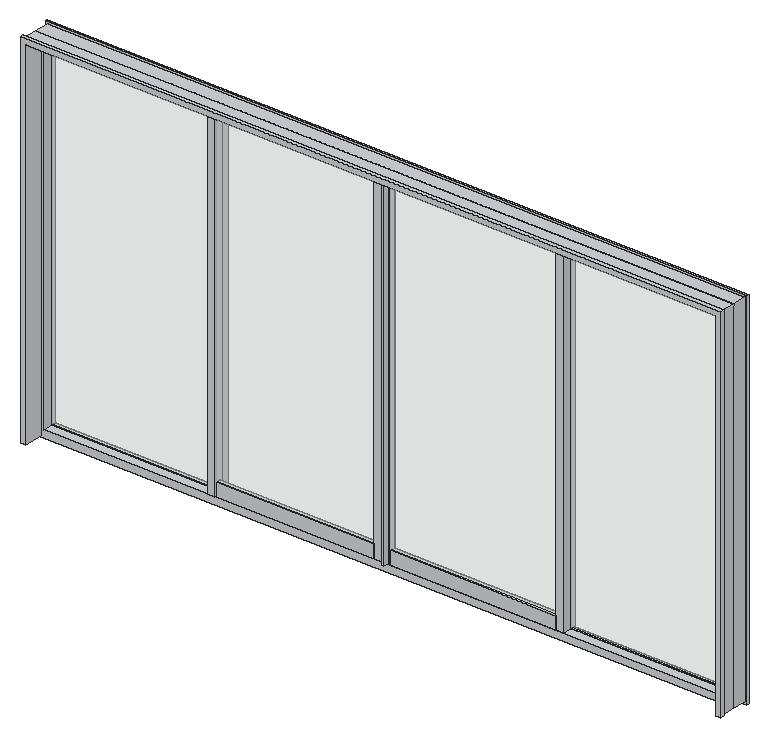
Revit family "APL Residential Thermal Heart Sliding Door FSSF", category Doors, host Wall, Revit 2017 (continued)
Definition of nested family "APL Residential Thermal Heart Sliding Door FSSF Vertical Section"
  Definition of nested family "Sill Two Panel"
    Definition of nested family "65380_Frame Sill"
      Lines and regions (mm)
        detail lines, in view "Ref. Level"
          curve 195: arc (65.7, 25.519, 0) -> (65.922, 26.994, 0) -> (66.57, 28.337, 0) r 5
          curve 196: arc (66.57, 28.337, 0) -> (67.411, 30.083, 0) -> (67.7, 32, 0) r 6.5
          curve 197: arc (67.7, 33.1, 0) -> (67.759, 33.242, 0) -> (67.9, 33.3, 0) r 0.2
          curve 198: arc (69.3, 33.3, 0) -> (69.441, 33.242, 0) -> (69.5, 33.1, 0) r 0.2
          curve 199: arc (69.5, 32.8, 0) -> (70, 32.299, 0) -> (70.5, 32.8, 0) r 0.5
          curve 200: arc (70.5, 35.351, 0) -> (69.999, 35.85, 0) -> (69.5, 35.35, 0) r 0.5
          curve 201: arc (69.5, 34.5, 0) -> (69.441, 34.359, 0) -> (69.3, 34.3, 0) r 0.2
          curve 202: arc (67.9, 34.3, 0) -> (67.759, 34.359, 0) -> (67.7, 34.5, 0) r 0.2
          curve 203: arc (67.7, 41.8, 0) -> (67.759, 41.942, 0) -> (67.9, 42, 0) r 0.2
          curve 204: arc (69.3, 42, 0) -> (69.441, 41.942, 0) -> (69.5, 41.8, 0) r 0.2
          curve 205: arc (69.5, 40.95, 0) -> (70, 40.449, 0) -> (70.5, 40.95, 0) r 0.5
          curve 206: arc (70.5, 42.499, 0) -> (70.354, 42.853, 0) -> (70, 43, 0) r 0.5
          curve 207: arc (42.7, 43, 0) -> (42.559, 42.942, 0) -> (42.5, 42.8, 0) r 0.2
          curve 208: arc (42.5, 41.25, 0) -> (43, 40.75, 0) -> (43.5, 41.25, 0) r 0.5
          curve 209: arc (43.5, 41.8, 0) -> (43.559, 41.942, 0) -> (43.7, 42, 0) r 0.2
          curve 210: arc (44.8, 42, 0) -> (44.941, 41.942, 0) -> (45, 41.8, 0) r 0.2
          curve 211: arc (45, 36.7, 0) -> (44.941, 36.559, 0) -> (44.8, 36.5, 0) r 0.2
          curve 212: arc (43.7, 36.5, 0) -> (43.559, 36.559, 0) -> (43.5, 36.7, 0) r 0.2
          curve 213: arc (43.5, 37.25, 0) -> (43, 37.749, 0) -> (42.5, 37.25, 0) r 0.5
          curve 214: arc (42.5, 36.5, 0) -> (42.793, 35.793, 0) -> (43.5, 35.5, 0) r 1
          curve 215: arc (44.395, 35.5, 0) -> (44.539, 35.443, 0) -> (44.6, 35.3, 0) r 0.202
          curve 216: arc (44.6, 24.2, 0) -> (44.538, 24.058, 0) -> (44.395, 24, 0) r 0.205
          curve 217: arc (26.583, 24, 0) -> (26.278, 23.801, 0) -> (26.005, 24.043, 0) r 0.3
          curve 218: arc (26.005, 24.043, 0) -> (25.939, 24.181, 0) -> (25.813, 24.269, 0) r 0.3
          curve 219: arc (24.403, 24.782, 0) -> (24.117, 24.738, 0) -> (24.001, 24.474, 0) r 0.3
          curve 220: arc (24.208, 22.109, 0) -> (24.235, 22.008, 0) -> (24.295, 21.923, 0) r 0.3
          curve 221: arc (24.659, 21.559, 0) -> (24.852, 21.507, 0) -> (24.993, 21.648, 0) r 0.2
          curve 222: arc (25.038, 21.816, 0) -> (25.09, 21.905, 0) -> (25.179, 21.957, 0) r 0.2
          curve 223: arc (27.4, 22.5, 0) -> (27.68, 22.307, 0) -> (27.6, 21.977, 0) r 0.3
          curve 224: arc (27.6, 21.977, 0) -> (27.526, 21.875, 0) -> (27.5, 21.753, 0) r 0.3
          curve 225: arc (27.694, 17.75, 0) -> (27.658, 17.578, 0) -> (27.5, 17.5, 0) r 0.2
          curve 226: arc (26.979, 17.5, 0) -> (26.898, 17.511, 0) -> (26.823, 17.544, 0) r 0.3
          curve 227: arc (25.569, 18.309, 0) -> (25.572, 18.479, 0) -> (25.466, 18.612, 0) r 0.25
          curve 228: arc (25.38, 18.664, 0) -> (25.128, 18.668, 0) -> (25, 18.45, 0) r 0.25
          curve 229: arc (25, 16.875, 0) -> (25.128, 16.385, 0) -> (25.479, 16.021, 0) r 1
          curve 230: line (64.2, 22.468, 0) -> (65.7, 22.468, 0)
          curve 231: line (62.286, 10.8, 0) -> (53.629, 10.8, 0)
          curve 232: line (53.629, 10.8, 0) -> (39.189, 9.622, 0)
          curve 233: line (36.605, 8.4, 0) -> (29.901, 8.4, 0)
          curve 234: line (29.4, 8.9, 0) -> (29.4, 22, 0)
          curve 235: line (29.9, 22.5, 0) -> (44.4, 22.5, 0)
          curve 236: line (46.1, 24.2, 0) -> (46.1, 35.405, 0)
          curve 237: line (46.5, 36.5, 0) -> (46.5, 41.1, 0)
          curve 238: line (47, 41.6, 0) -> (65.699, 41.6, 0)
          curve 239: line (66.2, 41.1, 0) -> (66.2, 32, 0)
          curve 240: line (64.2, 25.519, 0) -> (64.2, 16.468, 0)
          curve 241: line (64.2, 16.468, 0) -> (65.701, 16.468, 0)
          curve 242: line (27.5, 14.7, 0) -> (29.4, 14.7, 0)
          curve 243: line (27.317, 8.501, 0) -> (23.754, 8.189, 0)
          curve 244: line (23.583, 7.922, 0) -> (24.399, 5.679, 0)
          curve 245: line (25.569, 5.691, 0) -> (26.823, 6.456, 0)
          curve 246: line (26.979, 6.5, 0) -> (27.5, 6.5, 0)
          curve 247: line (27.694, 6.25, 0) -> (27.5, 5.5, 0)
          curve 248: line (27.5, 5.475, 0) -> (27.5, 2.247, 0)
          curve 249: line (27.168, 1.51, 0) -> (25.179, 2.043, 0)
          curve 250: line (25.038, 2.185, 0) -> (24.993, 2.352, 0)
          curve 251: line (24.659, 2.442, 0) -> (24.295, 2.078, 0)
          curve 252: line (24.208, 1.892, 0) -> (24.001, -0.474, 0)
          curve 253: line (24.403, -0.782, 0) -> (25.813, -0.268, 0)
          curve 254: line (26.583, 0, 0) -> (28.9, 0, 0)
          curve 255: line (29.4, 0.5, 0) -> (29.4, 6.1, 0)
          curve 256: line (29.9, 6.6, 0) -> (33.5, 6.6, 0)
          curve 257: line (33.5, 6.6, 0) -> (33.9, 7, 0)
          curve 258: line (33.9, 7, 0) -> (34.3, 6.6, 0)
          curve 259: line (34.3, 6.6, 0) -> (37.767, 6.6, 0)
          curve 260: line (40.611, 7.831, 0) -> (53.707, 8.9, 0)
          curve 261: line (53.707, 8.9, 0) -> (58.307, 8.9, 0)
          curve 262: line (58.307, 8.9, 0) -> (58.707, 9.3, 0)
          curve 263: line (58.707, 9.3, 0) -> (59.107, 8.9, 0)
          curve 264: line (59.107, 8.9, 0) -> (68.1, 8.9, 0)
          curve 265: line (68.3, 8.7, 0) -> (68.3, 0.5, 0)
          curve 266: line (68.8, 0, 0) -> (71.117, 0, 0)
          curve 267: line (71.887, -0.268, 0) -> (73.297, -0.782, 0)
          curve 268: line (73.699, -0.474, 0) -> (73.492, 1.892, 0)
          curve 269: line (73.405, 2.078, 0) -> (73.041, 2.442, 0)
          curve 270: line (72.707, 2.352, 0) -> (72.662, 2.185, 0)
          curve 271: line (72.521, 2.043, 0) -> (70.532, 1.51, 0)
          curve 272: line (70.2, 2.247, 0) -> (70.2, 5.475, 0)
          curve 273: line (70.2, 5.5, 0) -> (70.006, 6.25, 0)
          curve 274: line (70.2, 6.5, 0) -> (70.721, 6.5, 0)
          curve 275: line (70.877, 6.456, 0) -> (72.131, 5.691, 0)
          curve 276: line (72.7, 5.55, 0) -> (72.7, 7.124, 0)
          curve 277: line (72.7, 8.875, 0) -> (72.7, 10.449, 0)
          curve 278: line (72.131, 10.309, 0) -> (70.877, 9.544, 0)
          curve 279: line (70.721, 9.5, 0) -> (70.2, 9.5, 0)
          curve 280: line (70.006, 9.75, 0) -> (70.2, 10.5, 0)
          curve 281: line (70.2, 10.526, 0) -> (70.2, 13.753, 0)
          curve 282: line (70.532, 14.49, 0) -> (72.521, 13.957, 0)
          curve 283: line (72.662, 13.816, 0) -> (72.707, 13.648, 0)
          curve 284: line (73.041, 13.559, 0) -> (73.405, 13.923, 0)
          curve 285: line (73.492, 14.109, 0) -> (73.699, 16.474, 0)
          curve 286: line (73.297, 16.782, 0) -> (71.887, 16.269, 0)
          curve 287: line (71.117, 16, 0) -> (66.201, 16, 0)
          curve 288: line (65.7, 16.5, 0) -> (65.7, 25.519, 0)
          curve 289: line (67.7, 32, 0) -> (67.7, 33.1, 0)
          curve 290: line (67.9, 33.3, 0) -> (69.3, 33.3, 0)
          curve 291: line (69.5, 33.1, 0) -> (69.5, 32.8, 0)
          curve 292: line (70.5, 32.8, 0) -> (70.5, 35.351, 0)
          curve 293: line (69.5, 35.35, 0) -> (69.5, 34.5, 0)
          curve 294: line (69.3, 34.3, 0) -> (67.9, 34.3, 0)
          curve 295: line (67.7, 34.5, 0) -> (67.7, 41.8, 0)
          curve 296: line (67.9, 42, 0) -> (69.3, 42, 0)
          curve 297: line (69.5, 41.8, 0) -> (69.5, 40.95, 0)
          curve 298: line (70.5, 40.95, 0) -> (70.5, 42.499, 0)
          curve 299: line (70, 43, 0) -> (42.7, 43, 0)
          curve 300: line (42.5, 42.8, 0) -> (42.5, 41.25, 0)
          curve 301: line (43.5, 41.25, 0) -> (43.5, 41.8, 0)
          curve 302: line (43.7, 42, 0) -> (44.8, 42, 0)
          curve 303: line (45, 41.8, 0) -> (45, 36.7, 0)
          curve 304: line (44.8, 36.5, 0) -> (43.7, 36.5, 0)
          curve 305: line (43.5, 36.7, 0) -> (43.5, 37.25, 0)
          curve 306: line (42.5, 37.25, 0) -> (42.5, 36.5, 0)
          curve 307: line (43.5, 35.5, 0) -> (44.395, 35.5, 0)
          curve 308: line (44.6, 35.3, 0) -> (44.6, 24.2, 0)
          curve 309: line (44.395, 24, 0) -> (34.3, 24, 0)
          curve 310: line (34.3, 24, 0) -> (33.9, 23.6, 0)
          curve 311: line (33.9, 23.6, 0) -> (33.5, 24, 0)
          curve 312: line (33.5, 24, 0) -> (26.583, 24, 0)
          curve 313: line (25.813, 24.269, 0) -> (24.403, 24.782, 0)
          curve 314: line (24.001, 24.474, 0) -> (24.208, 22.109, 0)
          curve 315: line (24.295, 21.923, 0) -> (24.659, 21.559, 0)
          curve 316: line (24.993, 21.648, 0) -> (25.038, 21.816, 0)
          curve 317: line (25.179, 21.957, 0) -> (27.168, 22.49, 0)
          curve 318: line (27.5, 21.753, 0) -> (27.5, 18.526, 0)
          curve 319: line (27.5, 18.5, 0) -> (27.694, 17.75, 0)
          curve 320: line (27.5, 17.5, 0) -> (26.979, 17.5, 0)
          curve 321: line (26.823, 17.544, 0) -> (25.569, 18.309, 0)
          curve 322: line (25, 18.45, 0) -> (25, 16.875, 0)
          curve 323: line (25.479, 16.021, 0) -> (26.284, 15.53, 0)
          curve 324: line (26.389, 15.5, 0) -> (27.5, 15.5, 0)
          curve 325: line (27.5, 15.5, 0) -> (27.5, 8.7, 0)
          curve 326: line (27.5, 8.7, 0) -> (29.442, 8.7, 0)
          curve 327: arc (113.4, 35.877, 0) -> (113.327, 35.95, 0) -> (113.3, 36.05, 0) r 0.2
          curve 328: arc (113.3, 40.25, 0) -> (113.327, 40.35, 0) -> (113.4, 40.423, 0) r 0.2
          curve 329: arc (113.4, 40.423, 0) -> (113.473, 40.497, 0) -> (113.5, 40.597, 0) r 0.2
          curve 330: arc (113.5, 41.8, 0) -> (113.441, 41.942, 0) -> (113.3, 42, 0) r 0.2
          curve 331: arc (111.701, 42, 0) -> (111.559, 41.942, 0) -> (111.5, 41.8, 0) r 0.2
          curve 332: arc (111.5, 40.95, 0) -> (111, 40.451, 0) -> (110.5, 40.95, 0) r 0.5
          curve 333: arc (110.5, 42.5, 0) -> (110.646, 42.854, 0) -> (111, 43, 0) r 0.499
          curve 334: arc (114.5, 43, 0) -> (114.847, 42.848, 0) -> (115, 42.5, 0) r 0.523
          curve 335: arc (115, 21.5, 0) -> (114.856, 21.145, 0) -> (114.5, 21, 0) r 0.493
          curve 336: arc (111.7, 21, 0) -> (111.558, 20.942, 0) -> (111.5, 20.8, 0) r 0.199
          curve 337: arc (111.5, 13.2, 0) -> (110.852, 11.56, 0) -> (109.258, 10.805, 0) r 2.399
          curve 338: arc (109.258, 10.805, 0) -> (108.878, 10.589, 0) -> (108.814, 10.156, 0) r 0.5
          curve 339: arc (108.814, 10.156, 0) -> (109, 8.953, 0) -> (108.816, 7.75, 0) r 4
          curve 340: arc (108.816, 7.75, 0) -> (108.89, 7.304, 0) -> (109.293, 7.1, 0) r 0.5
          curve 341: arc (109.5, 7.1, 0) -> (110.914, 6.514, 0) -> (111.5, 5.1, 0) r 2.001
          curve 342: arc (120.75, 1.5, 0) -> (121.501, 0.747, 0) -> (120.745, 0, 0) r 0.75
          curve 343: arc (111.5, 0, 0) -> (110.439, 0.44, 0) -> (110, 1.5, 0) r 1.5
          curve 344: arc (110, 5, 0) -> (109.941, 5.142, 0) -> (109.8, 5.2, 0) r 0.2
          curve 345: arc (100.5, 5.2, 0) -> (100.146, 5.347, 0) -> (100, 5.7, 0) r 0.5
          curve 346: arc (100, 6.2, 0) -> (100.146, 6.554, 0) -> (100.5, 6.7, 0) r 0.5
          curve 347: arc (101.927, 6.7, 0) -> (102.266, 6.833, 0) -> (102.426, 7.16, 0) r 0.5
          curve 348: arc (102.426, 7.16, 0) -> (102.912, 7.803, 0) -> (103.7, 7.634, 0) r 0.75
          curve 349: arc (103.7, 7.634, 0) -> (105, 7.1, 0) -> (106.3, 7.634, 0) r 1.85
          curve 350: arc (106.3, 7.634, 0) -> (106.442, 7.744, 0) -> (106.607, 7.817, 0) r 0.75
          curve 351: arc (106.607, 7.817, 0) -> (106.791, 7.92, 0) -> (106.916, 8.09, 0) r 0.5
          curve 352: arc (106.916, 8.09, 0) -> (107.1, 8.95, 0) -> (106.916, 9.81, 0) r 2.1
          curve 353: arc (106.916, 9.81, 0) -> (106.791, 9.98, 0) -> (106.607, 10.083, 0) r 0.5
          curve 354: arc (106.607, 10.083, 0) -> (106.442, 10.156, 0) -> (106.3, 10.267, 0) r 0.75
          curve 355: arc (106.3, 10.267, 0) -> (105, 10.8, 0) -> (103.7, 10.267, 0) r 1.85
          curve 356: arc (103.7, 10.267, 0) -> (103.027, 10.065, 0) -> (102.482, 10.509, 0) r 0.75
          curve 357: arc (102.482, 10.509, 0) -> (102.32, 10.716, 0) -> (102.075, 10.812, 0) r 0.5
          curve 358: arc (102.075, 10.812, 0) -> (101.154, 11.141, 0) -> (100.481, 11.85, 0) r 2.1
          curve 359: arc (100.481, 11.85, 0) -> (100.298, 12.033, 0) -> (100.048, 12.1, 0) r 0.5
          curve 360: arc (91.556, 12.1, 0) -> (91.287, 12.022, 0) -> (91.103, 11.812, 0) r 0.5
          curve 361: arc (91.103, 11.812, 0) -> (90.328, 10.929, 0) -> (89.2, 10.6, 0) r 2.1
          curve 362: arc (87.9, 10.6, 0) -> (87.193, 10.307, 0) -> (86.9, 9.6, 0) r 1
          curve 363: arc (86.9, 0.5, 0) -> (86.754, 0.147, 0) -> (86.4, 0, 0) r 0.5
          curve 364: arc (84.083, 0, 0) -> (83.778, 0.199, 0) -> (83.505, -0.043, 0) r 0.3
          curve 365: arc (83.505, -0.043, 0) -> (83.439, -0.181, 0) -> (83.313, -0.268, 0) r 0.3
          curve 366: arc (81.903, -0.782, 0) -> (81.617, -0.738, 0) -> (81.501, -0.474, 0) r 0.3
          curve 367: arc (81.708, 1.892, 0) -> (81.735, 1.993, 0) -> (81.795, 2.078, 0) r 0.3
          curve 368: arc (82.159, 2.442, 0) -> (82.352, 2.493, 0) -> (82.493, 2.352, 0) r 0.2
          curve 369: arc (82.538, 2.185, 0) -> (82.59, 2.095, 0) -> (82.679, 2.043, 0) r 0.2
          curve 370: arc (84.9, 1.5, 0) -> (85.18, 1.693, 0) -> (85.1, 2.024, 0) r 0.3
          curve 371: arc (85.1, 2.024, 0) -> (85.026, 2.125, 0) -> (85, 2.247, 0) r 0.3
          curve 372: arc (85.194, 6.25, 0) -> (85.158, 6.423, 0) -> (85, 6.5, 0) r 0.2
          curve 373: arc (84.479, 6.5, 0) -> (84.398, 6.489, 0) -> (84.323, 6.456, 0) r 0.3
          curve 374: arc (83.069, 5.691, 0) -> (83.072, 5.521, 0) -> (82.966, 5.389, 0) r 0.25
          curve 375: arc (82.88, 5.337, 0) -> (82.628, 5.332, 0) -> (82.5, 5.55, 0) r 0.25
          curve 376: arc (82.5, 7.126, 0) -> (82.582, 7.523, 0) -> (82.815, 7.854, 0) r 1
          curve 377: arc (82.815, 7.854, 0) -> (82.878, 8, 0) -> (82.815, 8.146, 0) r 0.2
          curve 378: arc (82.815, 8.146, 0) -> (82.582, 8.478, 0) -> (82.5, 8.875, 0) r 1
          curve 379: arc (82.5, 10.45, 0) -> (82.628, 10.668, 0) -> (82.88, 10.664, 0) r 0.25
          curve 380: arc (82.966, 10.612, 0) -> (83.072, 10.479, 0) -> (83.069, 10.309, 0) r 0.25
          curve 381: arc (84.323, 9.544, 0) -> (84.398, 9.511, 0) -> (84.479, 9.5, 0) r 0.3
          curve 382: arc (85, 9.5, 0) -> (85.158, 9.578, 0) -> (85.194, 9.75, 0) r 0.2
          curve 383: arc (85, 13.753, 0) -> (85.026, 13.875, 0) -> (85.1, 13.977, 0) r 0.3
          curve 384: arc (85.1, 13.977, 0) -> (85.18, 14.307, 0) -> (84.9, 14.5, 0) r 0.3
          curve 385: arc (82.679, 13.957, 0) -> (82.59, 13.905, 0) -> (82.538, 13.816, 0) r 0.2
          curve 386: arc (82.493, 13.648, 0) -> (82.352, 13.507, 0) -> (82.159, 13.559, 0) r 0.2
          curve 387: arc (81.795, 13.923, 0) -> (81.735, 14.008, 0) -> (81.708, 14.109, 0) r 0.3
          curve 388: arc (81.501, 16.474, 0) -> (81.617, 16.738, 0) -> (81.903, 16.782, 0) r 0.3
          curve 389: arc (83.313, 16.269, 0) -> (83.439, 16.181, 0) -> (83.505, 16.043, 0) r 0.3
          curve 390: arc (83.505, 16.043, 0) -> (83.778, 15.801, 0) -> (84.083, 16, 0) r 0.3
          curve 391: arc (86.7, 16, 0) -> (86.841, 15.942, 0) -> (86.9, 15.8, 0) r 0.2
          curve 392: arc (86.9, 12.7, 0) -> (86.959, 12.559, 0) -> (87.1, 12.5, 0) r 0.2
          curve 393: arc (89.2, 12.5, 0) -> (89.341, 12.559, 0) -> (89.4, 12.7, 0) r 0.2
          curve 394: arc (89.4, 13.8, 0) -> (89.459, 13.942, 0) -> (89.6, 14, 0) r 0.2
          curve 395: arc (101.9, 14, 0) -> (102.042, 13.942, 0) -> (102.1, 13.8, 0) r 0.2
          curve 396: arc (102.1, 12.9, 0) -> (102.159, 12.759, 0) -> (102.3, 12.7, 0) r 0.2
          curve 397: arc (109.1, 12.7, 0) -> (109.454, 12.847, 0) -> (109.6, 13.2, 0) r 0.5
          curve 398: arc (109.6, 14.5, 0) -> (109.541, 14.642, 0) -> (109.4, 14.7, 0) r 0.2
          curve 399: arc (107.3, 14.7, 0) -> (107.159, 14.759, 0) -> (107.1, 14.9, 0) r 0.2
          curve 400: arc (107.1, 15.8, 0) -> (107.159, 15.942, 0) -> (107.3, 16, 0) r 0.2
          curve 401: arc (109.5, 16, 0) -> (109.854, 16.147, 0) -> (110, 16.5, 0) r 0.5
          curve 402: arc (110, 22.8, 0) -> (110.146, 23.154, 0) -> (110.5, 23.3, 0) r 0.5
          curve 403: arc (111.3, 23.3, 0) -> (111.441, 23.242, 0) -> (111.5, 23.1, 0) r 0.2
          curve 404: arc (113.3, 22.3, 0) -> (113.441, 22.359, 0) -> (113.5, 22.5, 0) r 0.2
          curve 405: arc (113.5, 27.4, 0) -> (113.1, 27.8, 0) -> (113.5, 28.2, 0) r 0.4
          curve 406: arc (113.5, 33.1, 0) -> (113.441, 33.242, 0) -> (113.3, 33.3, 0) r 0.2
          curve 407: arc (111.5, 32.7, 0) -> (111.383, 32.418, 0) -> (111.1, 32.3, 0) r 0.4
          curve 408: arc (111, 32.3, 0) -> (110.646, 32.447, 0) -> (110.5, 32.8, 0) r 0.5
          curve 409: arc (110.5, 35.35, 0) -> (111, 35.85, 0) -> (111.5, 35.35, 0) r 0.5
          curve 410: arc (111.5, 34.5, 0) -> (111.559, 34.359, 0) -> (111.7, 34.3, 0) r 0.2
          curve 411: arc (113.3, 34.3, 0) -> (113.441, 34.359, 0) -> (113.5, 34.5, 0) r 0.2
          curve 412: line (113.3, 36.05, 0) -> (113.3, 40.25, 0)
          curve 413: line (113.5, 40.597, 0) -> (113.5, 41.8, 0)
          curve 414: line (113.3, 42, 0) -> (111.701, 42, 0)
          curve 415: line (111.5, 41.8, 0) -> (111.5, 40.95, 0)
          curve 416: line (110.5, 40.95, 0) -> (110.5, 42.5, 0)
          curve 417: line (111, 43, 0) -> (114.5, 43, 0)
          curve 418: line (115, 42.5, 0) -> (115, 21.5, 0)
          curve 419: line (114.5, 21, 0) -> (111.7, 21, 0)
          curve 420: line (111.5, 20.8, 0) -> (111.5, 13.2, 0)
          curve 421: line (109.293, 7.1, 0) -> (109.5, 7.1, 0)
          curve 422: line (111.5, 5.1, 0) -> (111.5, 1.5, 0)
          curve 423: line (111.5, 1.5, 0) -> (120.75, 1.5, 0)
          curve 424: line (120.745, 0, 0) -> (119, 0, 0)
          curve 425: line (119, 0, 0) -> (118.6, 0.4, 0)
          curve 426: line (118.6, 0.4, 0) -> (112.3, 0.4, 0)
          curve 427: line (112.3, 0.4, 0) -> (111.9, 0, 0)
          curve 428: line (111.9, 0, 0) -> (111.5, 0, 0)
          curve 429: line (110, 1.5, 0) -> (110, 5, 0)
          curve 430: line (109.8, 5.2, 0) -> (100.5, 5.2, 0)
          curve 431: line (100, 5.7, 0) -> (100, 6.2, 0)
          curve 432: line (100.5, 6.7, 0) -> (101.927, 6.7, 0)
          curve 433: line (100.048, 12.1, 0) -> (91.556, 12.1, 0)
          curve 434: line (89.2, 10.6, 0) -> (87.9, 10.6, 0)
          curve 435: line (86.9, 9.6, 0) -> (86.9, 0.5, 0)
          curve 436: line (86.4, 0, 0) -> (84.083, 0, 0)
          curve 437: line (83.313, -0.268, 0) -> (81.903, -0.782, 0)
          curve 438: line (81.501, -0.474, 0) -> (81.708, 1.892, 0)
          curve 439: line (81.795, 2.078, 0) -> (82.159, 2.442, 0)
          curve 440: line (82.493, 2.352, 0) -> (82.538, 2.185, 0)
          curve 441: line (82.679, 2.043, 0) -> (84.668, 1.51, 0)
          curve 442: line (85, 2.247, 0) -> (85, 5.475, 0)
          curve 443: line (85, 5.5, 0) -> (85.194, 6.25, 0)
          curve 444: line (85, 6.5, 0) -> (84.479, 6.5, 0)
          curve 445: line (84.323, 6.456, 0) -> (83.069, 5.691, 0)
          curve 446: line (82.5, 5.55, 0) -> (82.5, 7.126, 0)
          curve 447: line (82.5, 8.875, 0) -> (82.5, 10.45, 0)
          curve 448: line (83.069, 10.309, 0) -> (84.323, 9.544, 0)
          curve 449: line (84.479, 9.5, 0) -> (85, 9.5, 0)
          curve 450: line (85.194, 9.75, 0) -> (85, 10.5, 0)
          curve 451: line (85, 10.526, 0) -> (85, 13.753, 0)
          curve 452: line (84.668, 14.49, 0) -> (82.679, 13.957, 0)
          curve 453: line (82.538, 13.816, 0) -> (82.493, 13.648, 0)
          curve 454: line (82.159, 13.559, 0) -> (81.795, 13.923, 0)
          curve 455: line (81.708, 14.109, 0) -> (81.501, 16.474, 0)
          curve 456: line (81.903, 16.782, 0) -> (83.313, 16.269, 0)
          curve 457: line (84.083, 16, 0) -> (86.7, 16, 0)
          curve 458: line (86.9, 15.8, 0) -> (86.9, 12.7, 0)
          curve 459: line (87.1, 12.5, 0) -> (89.2, 12.5, 0)
          curve 460: line (89.4, 12.7, 0) -> (89.4, 13.8, 0)
          curve 461: line (89.6, 14, 0) -> (95.4, 14, 0)
          curve 462: line (95.4, 14, 0) -> (95.8, 13.6, 0)
          curve 463: line (95.8, 13.6, 0) -> (96.2, 14, 0)
          curve 464: line (96.2, 14, 0) -> (101.9, 14, 0)
          curve 465: line (102.1, 13.8, 0) -> (102.1, 12.9, 0)
          curve 466: line (102.3, 12.7, 0) -> (109.1, 12.7, 0)
          curve 467: line (109.6, 13.2, 0) -> (109.6, 14.5, 0)
          curve 468: line (109.4, 14.7, 0) -> (107.3, 14.7, 0)
          curve 469: line (107.1, 14.9, 0) -> (107.1, 15.8, 0)
          curve 470: line (107.3, 16, 0) -> (109.5, 16, 0)
          curve 471: line (110, 16.5, 0) -> (110, 22.8, 0)
          curve 472: line (110.5, 23.3, 0) -> (111.3, 23.3, 0)
          curve 473: line (111.5, 23.1, 0) -> (111.5, 22.3, 0)
          curve 474: line (111.5, 22.3, 0) -> (113.3, 22.3, 0)
          curve 475: line (113.5, 22.5, 0) -> (113.5, 27.4, 0)
          curve 476: line (113.5, 28.2, 0) -> (113.5, 33.1, 0)
          curve 477: line (113.3, 33.3, 0) -> (111.5, 33.3, 0)
          curve 478: line (111.5, 33.3, 0) -> (111.5, 32.7, 0)
          curve 479: line (110.5, 32.8, 0) -> (110.5, 35.35, 0)
          curve 480: line (111.5, 35.35, 0) -> (111.5, 34.5, 0)
          curve 481: line (111.7, 34.3, 0) -> (113.3, 34.3, 0)
          curve 482: line (113.5, 34.5, 0) -> (113.5, 35.704, 0)
          curve 483: arc (113.5, 35.704, 0) -> (113.473, 35.804, 0) -> (113.4, 35.877, 0) r 0.2
          curve 484: arc (12.7, 2.2, 0) -> (12.817, 1.917, 0) -> (13.1, 1.8, 0) r 0.4
          curve 485: arc (13.393, 1.8, 0) -> (13.496, 1.814, 0) -> (13.593, 1.854, 0) r 0.4
          curve 486: arc (15.121, 2.739, 0) -> (15.411, 2.859, 0) -> (15.722, 2.9, 0) r 1.2
          curve 487: arc (16.645, 2.9, 0) -> (17.218, 3.081, 0) -> (17.584, 3.558, 0) r 1
          curve 488: arc (18.377, 5.737, 0) -> (18.524, 5.928, 0) -> (18.753, 6, 0) r 0.4
          curve 489: arc (21.447, 6, 0) -> (21.676, 5.928, 0) -> (21.823, 5.737, 0) r 0.4
          curve 490: arc (22.616, 3.558, 0) -> (22.982, 3.081, 0) -> (23.555, 2.9, 0) r 1
          curve 491: arc (24.478, 2.9, 0) -> (24.789, 2.859, 0) -> (25.079, 2.739, 0) r 1.2
          curve 492: arc (26.607, 1.854, 0) -> (26.704, 1.814, 0) -> (26.807, 1.8, 0) r 0.4
          curve 493: arc (27.1, 1.8, 0) -> (27.383, 1.917, 0) -> (27.5, 2.2, 0) r 0.4
          curve 494: arc (27.5, 5.6, 0) -> (27.383, 5.883, 0) -> (27.1, 6, 0) r 0.4
          curve 495: arc (26.807, 6, 0) -> (26.704, 5.987, 0) -> (26.607, 5.946, 0) r 0.4
          curve 496: arc (25.079, 5.062, 0) -> (24.785, 4.94, 0) -> (24.47, 4.9, 0) r 1.2
          curve 497: arc (24.47, 4.9, 0) -> (24.295, 4.953, 0) -> (24.184, 5.098, 0) r 0.3
          curve 498: arc (23.296, 7.537, 0) -> (23.149, 7.728, 0) -> (22.92, 7.8, 0) r 0.4
          curve 499: arc (17.28, 7.8, 0) -> (17.051, 7.728, 0) -> (16.904, 7.537, 0) r 0.4
          curve 500: arc (16.016, 5.098, 0) -> (15.905, 4.953, 0) -> (15.73, 4.9, 0) r 0.3
          curve 501: arc (15.73, 4.9, 0) -> (15.415, 4.94, 0) -> (15.121, 5.062, 0) r 1.2
          curve 502: arc (13.593, 5.946, 0) -> (13.496, 5.987, 0) -> (13.393, 6, 0) r 0.4
          curve 503: arc (13.1, 6, 0) -> (12.817, 5.883, 0) -> (12.7, 5.6, 0) r 0.4
          curve 504: line (13.1, 1.8, 0) -> (13.393, 1.8, 0)
          curve 505: line (13.593, 1.854, 0) -> (15.121, 2.739, 0)
          curve 506: line (15.722, 2.9, 0) -> (16.645, 2.9, 0)
          curve 507: line (17.584, 3.558, 0) -> (18.377, 5.737, 0)
          curve 508: line (18.753, 6, 0) -> (21.447, 6, 0)
          curve 509: line (21.823, 5.737, 0) -> (22.616, 3.558, 0)
          curve 510: line (23.555, 2.9, 0) -> (24.478, 2.9, 0)
          curve 511: line (25.079, 2.739, 0) -> (26.607, 1.854, 0)
          curve 512: line (26.807, 1.8, 0) -> (27.1, 1.8, 0)
          curve 513: line (27.5, 2.2, 0) -> (27.5, 5.6, 0)
          curve 514: line (27.1, 6, 0) -> (26.807, 6, 0)
          curve 515: line (26.607, 5.946, 0) -> (25.079, 5.062, 0)
          curve 516: line (24.184, 5.098, 0) -> (23.296, 7.537, 0)
          curve 517: line (22.92, 7.8, 0) -> (17.28, 7.8, 0)
          curve 518: line (16.904, 7.537, 0) -> (16.016, 5.098, 0)
          curve 519: line (15.121, 5.062, 0) -> (13.593, 5.946, 0)
          curve 520: line (13.393, 6, 0) -> (13.1, 6, 0)
          curve 521: line (12.7, 5.6, 0) -> (12.7, 2.2, 0)
          curve 522: arc (12.7, 18.4, 0) -> (12.817, 18.117, 0) -> (13.1, 18, 0) r 0.4
          curve 523: arc (13.393, 18, 0) -> (13.496, 18.014, 0) -> (13.593, 18.054, 0) r 0.4
          curve 524: arc (15.121, 18.939, 0) -> (15.411, 19.059, 0) -> (15.722, 19.1, 0) r 1.2
          curve 525: arc (16.645, 19.1, 0) -> (17.218, 19.281, 0) -> (17.584, 19.758, 0) r 1
          curve 526: arc (18.377, 21.937, 0) -> (18.524, 22.128, 0) -> (18.753, 22.2, 0) r 0.4
          curve 527: arc (21.447, 22.2, 0) -> (21.676, 22.128, 0) -> (21.823, 21.937, 0) r 0.4
          curve 528: arc (22.616, 19.758, 0) -> (22.982, 19.281, 0) -> (23.555, 19.1, 0) r 1
          curve 529: arc (24.478, 19.1, 0) -> (24.789, 19.059, 0) -> (25.079, 18.939, 0) r 1.2
          curve 530: arc (26.607, 18.054, 0) -> (26.704, 18.014, 0) -> (26.807, 18, 0) r 0.4
          curve 531: arc (27.1, 18, 0) -> (27.383, 18.117, 0) -> (27.5, 18.4, 0) r 0.4
          curve 532: arc (27.5, 21.8, 0) -> (27.383, 22.083, 0) -> (27.1, 22.2, 0) r 0.4
          curve 533: arc (26.807, 22.2, 0) -> (26.704, 22.187, 0) -> (26.607, 22.146, 0) r 0.4
          curve 534: arc (25.079, 21.262, 0) -> (24.785, 21.14, 0) -> (24.47, 21.1, 0) r 1.2
          curve 535: arc (24.47, 21.1, 0) -> (24.295, 21.153, 0) -> (24.184, 21.298, 0) r 0.3
          curve 536: arc (23.296, 23.737, 0) -> (23.149, 23.928, 0) -> (22.92, 24, 0) r 0.4
          curve 537: arc (17.28, 24, 0) -> (17.051, 23.928, 0) -> (16.904, 23.737, 0) r 0.4
          curve 538: arc (16.016, 21.298, 0) -> (15.905, 21.153, 0) -> (15.73, 21.1, 0) r 0.3
          curve 539: arc (15.73, 21.1, 0) -> (15.415, 21.14, 0) -> (15.121, 21.262, 0) r 1.2
          curve 540: arc (13.593, 22.146, 0) -> (13.496, 22.187, 0) -> (13.393, 22.2, 0) r 0.4
          curve 541: arc (13.1, 22.2, 0) -> (12.817, 22.083, 0) -> (12.7, 21.8, 0) r 0.4
          curve 542: line (13.1, 18, 0) -> (13.393, 18, 0)
          curve 543: line (13.593, 18.054, 0) -> (15.121, 18.939, 0)
          curve 544: line (15.722, 19.1, 0) -> (16.645, 19.1, 0)
          curve 545: line (17.584, 19.758, 0) -> (18.377, 21.937, 0)
          curve 546: line (18.753, 22.2, 0) -> (21.447, 22.2, 0)
          curve 547: line (21.823, 21.937, 0) -> (22.616, 19.758, 0)
          curve 548: line (23.555, 19.1, 0) -> (24.478, 19.1, 0)
          curve 549: line (25.079, 18.939, 0) -> (26.607, 18.054, 0)
          curve 550: line (26.807, 18, 0) -> (27.1, 18, 0)
          curve 551: line (27.5, 18.4, 0) -> (27.5, 21.8, 0)
          curve 552: line (27.1, 22.2, 0) -> (26.807, 22.2, 0)
          curve 553: line (26.607, 22.146, 0) -> (25.079, 21.262, 0)
          curve 554: line (24.184, 21.298, 0) -> (23.296, 23.737, 0)
          curve 555: line (22.92, 24, 0) -> (17.28, 24, 0)
          curve 556: line (16.904, 23.737, 0) -> (16.016, 21.298, 0)
          curve 557: line (15.121, 21.262, 0) -> (13.593, 22.146, 0)
          curve 558: line (13.393, 22.2, 0) -> (13.1, 22.2, 0)
          curve 559: line (12.7, 21.8, 0) -> (12.7, 18.4, 0)
          curve 560: arc (70.2, 10.4, 0) -> (70.317, 10.117, 0) -> (70.6, 10, 0) r 0.4
          curve 561: arc (70.893, 10, 0) -> (70.996, 10.014, 0) -> (71.093, 10.054, 0) r 0.4
          curve 562: arc (72.621, 10.939, 0) -> (72.911, 11.059, 0) -> (73.222, 11.1, 0) r 1.2
          curve 563: arc (74.145, 11.1, 0) -> (74.718, 11.281, 0) -> (75.084, 11.758, 0) r 1
          curve 564: arc (75.877, 13.937, 0) -> (76.024, 14.128, 0) -> (76.253, 14.2, 0) r 0.4
          curve 565: arc (78.947, 14.2, 0) -> (79.176, 14.128, 0) -> (79.323, 13.937, 0) r 0.4
          curve 566: arc (80.116, 11.758, 0) -> (80.482, 11.281, 0) -> (81.055, 11.1, 0) r 1
          curve 567: arc (81.978, 11.1, 0) -> (82.289, 11.059, 0) -> (82.579, 10.939, 0) r 1.2
          curve 568: arc (84.107, 10.054, 0) -> (84.204, 10.014, 0) -> (84.307, 10, 0) r 0.4
          curve 569: arc (84.6, 10, 0) -> (84.883, 10.117, 0) -> (85, 10.4, 0) r 0.4
          curve 570: arc (85, 13.8, 0) -> (84.883, 14.083, 0) -> (84.6, 14.2, 0) r 0.4
          curve 571: arc (84.307, 14.2, 0) -> (84.204, 14.187, 0) -> (84.107, 14.146, 0) r 0.4
          curve 572: arc (82.579, 13.262, 0) -> (82.285, 13.14, 0) -> (81.97, 13.1, 0) r 1.2
          curve 573: arc (81.97, 13.1, 0) -> (81.795, 13.153, 0) -> (81.684, 13.298, 0) r 0.3
          curve 574: arc (80.796, 15.737, 0) -> (80.649, 15.928, 0) -> (80.42, 16, 0) r 0.4
          curve 575: arc (74.78, 16, 0) -> (74.551, 15.928, 0) -> (74.404, 15.737, 0) r 0.4
          curve 576: arc (73.516, 13.298, 0) -> (73.405, 13.153, 0) -> (73.23, 13.1, 0) r 0.3
          curve 577: arc (73.23, 13.1, 0) -> (72.915, 13.14, 0) -> (72.621, 13.262, 0) r 1.2
          curve 578: arc (71.093, 14.146, 0) -> (70.996, 14.187, 0) -> (70.893, 14.2, 0) r 0.4
          curve 579: arc (70.6, 14.2, 0) -> (70.317, 14.083, 0) -> (70.2, 13.8, 0) r 0.4
          curve 580: line (70.6, 10, 0) -> (70.893, 10, 0)
          curve 581: line (71.093, 10.054, 0) -> (72.621, 10.939, 0)
          curve 582: line (73.222, 11.1, 0) -> (74.145, 11.1, 0)
          curve 583: line (75.084, 11.758, 0) -> (75.877, 13.937, 0)
          curve 584: line (76.253, 14.2, 0) -> (78.947, 14.2, 0)
          curve 585: line (79.323, 13.937, 0) -> (80.116, 11.758, 0)
          curve 586: line (81.055, 11.1, 0) -> (81.978, 11.1, 0)
          curve 587: line (82.579, 10.939, 0) -> (84.107, 10.054, 0)
          curve 588: line (84.307, 10, 0) -> (84.6, 10, 0)
          curve 589: line (85, 10.4, 0) -> (85, 13.8, 0)
          curve 590: line (84.6, 14.2, 0) -> (84.307, 14.2, 0)
          curve 591: line (84.107, 14.146, 0) -> (82.579, 13.262, 0)
          curve 592: line (81.684, 13.298, 0) -> (80.796, 15.737, 0)
          curve 593: line (80.42, 16, 0) -> (74.78, 16, 0)
          curve 594: line (74.404, 15.737, 0) -> (73.516, 13.298, 0)
          curve 595: line (72.621, 13.262, 0) -> (71.093, 14.146, 0)
          curve 596: line (70.893, 14.2, 0) -> (70.6, 14.2, 0)
          curve 597: line (70.2, 13.8, 0) -> (70.2, 10.4, 0)
          curve 598: arc (70.2, 5.6, 0) -> (70.317, 5.883, 0) -> (70.6, 6, 0) r 0.4
          curve 599: arc (70.893, 6, 0) -> (70.996, 5.987, 0) -> (71.093, 5.946, 0) r 0.4
          curve 600: arc (72.621, 5.062, 0) -> (72.911, 4.941, 0) -> (73.222, 4.9, 0) r 1.2
          curve 601: arc (74.145, 4.9, 0) -> (74.718, 4.719, 0) -> (75.084, 4.242, 0) r 1
          curve 602: arc (75.877, 2.063, 0) -> (76.024, 1.873, 0) -> (76.253, 1.8, 0) r 0.4
          curve 603: arc (78.947, 1.8, 0) -> (79.176, 1.873, 0) -> (79.323, 2.063, 0) r 0.4
          curve 604: arc (80.116, 4.242, 0) -> (80.482, 4.719, 0) -> (81.055, 4.9, 0) r 1
          curve 605: arc (81.978, 4.9, 0) -> (82.289, 4.941, 0) -> (82.579, 5.062, 0) r 1.2
          curve 606: arc (84.107, 5.946, 0) -> (84.204, 5.987, 0) -> (84.307, 6, 0) r 0.4
          curve 607: arc (84.6, 6, 0) -> (84.883, 5.883, 0) -> (85, 5.6, 0) r 0.4
          curve 608: arc (85, 2.2, 0) -> (84.883, 1.917, 0) -> (84.6, 1.8, 0) r 0.4
          curve 609: arc (84.307, 1.8, 0) -> (84.204, 1.814, 0) -> (84.107, 1.854, 0) r 0.4
          curve 610: arc (82.579, 2.739, 0) -> (82.285, 2.86, 0) -> (81.97, 2.9, 0) r 1.2
          curve 611: arc (81.97, 2.9, 0) -> (81.795, 2.847, 0) -> (81.684, 2.703, 0) r 0.3
          curve 612: arc (80.796, 0.263, 0) -> (80.649, 0.073, 0) -> (80.42, 0, 0) r 0.4
          curve 613: arc (74.78, 0, 0) -> (74.551, 0.073, 0) -> (74.404, 0.263, 0) r 0.4
          curve 614: arc (73.516, 2.703, 0) -> (73.405, 2.847, 0) -> (73.23, 2.9, 0) r 0.3
          curve 615: arc (73.23, 2.9, 0) -> (72.915, 2.86, 0) -> (72.621, 2.739, 0) r 1.2
          curve 616: arc (71.093, 1.854, 0) -> (70.996, 1.814, 0) -> (70.893, 1.8, 0) r 0.4
          curve 617: arc (70.6, 1.8, 0) -> (70.317, 1.917, 0) -> (70.2, 2.2, 0) r 0.4
          curve 618: line (70.6, 6, 0) -> (70.893, 6, 0)
          curve 619: line (71.093, 5.946, 0) -> (72.621, 5.062, 0)
          curve 620: line (73.222, 4.9, 0) -> (74.145, 4.9, 0)
          curve 621: line (75.084, 4.242, 0) -> (75.877, 2.063, 0)
          curve 622: line (76.253, 1.8, 0) -> (78.947, 1.8, 0)
          curve 623: line (79.323, 2.063, 0) -> (80.116, 4.242, 0)
          curve 624: line (81.055, 4.9, 0) -> (81.978, 4.9, 0)
          curve 625: line (82.579, 5.062, 0) -> (84.107, 5.946, 0)
          curve 626: line (84.307, 6, 0) -> (84.6, 6, 0)
          curve 627: line (85, 5.6, 0) -> (85, 2.2, 0)
          curve 628: line (84.6, 1.8, 0) -> (84.307, 1.8, 0)
          curve 629: line (84.107, 1.854, 0) -> (82.579, 2.739, 0)
          curve 630: line (81.684, 2.703, 0) -> (80.796, 0.263, 0)
          curve 631: line (80.42, 0, 0) -> (74.78, 0, 0)
          curve 632: line (74.404, 0.263, 0) -> (73.516, 2.703, 0)
          curve 633: line (72.621, 2.739, 0) -> (71.093, 1.854, 0)
          curve 634: line (70.893, 1.8, 0) -> (70.6, 1.8, 0)
          curve 635: line (70.2, 2.2, 0) -> (70.2, 5.6, 0)
          curve 636: line (106.85, 34.861, 0) -> (112.6, 36.402, 0)
          curve 637: line (111.139, 36.01, 0) -> (106.85, 36.01, 0)
          curve 638: line (112.6, 36.85, 0) -> (106.85, 36.85, 0)
          curve 639: line (112.6, 37.69, 0) -> (106.85, 37.69, 0)
          curve 640: line (112.6, 38.61, 0) -> (106.85, 38.61, 0)
          curve 641: line (112.6, 39.45, 0) -> (106.85, 39.45, 0)
          curve 642: line (111.139, 40.29, 0) -> (106.85, 40.29, 0)
          curve 643: line (112.6, 39.899, 0) -> (106.85, 41.439, 0)
          curve 644: line (112.85, 34.7, 0) -> (112.85, 41.6, 0)
          curve 645: line (112.6, 41.6, 0) -> (112.6, 34.7, 0)
          curve 646: line (112.6, 34.7, 0) -> (113.1, 34.7, 0)
          curve 647: line (113.1, 34.7, 0) -> (113.1, 41.6, 0)
          curve 648: line (113.1, 41.6, 0) -> (112.6, 41.6, 0)
          curve 662: line (74.15, 34.861, 0) -> (68.4, 36.402, 0)
          curve 663: line (69.861, 36.01, 0) -> (74.15, 36.01, 0)
          curve 664: line (68.4, 36.85, 0) -> (74.15, 36.85, 0)
          curve 665: line (68.4, 37.69, 0) -> (74.15, 37.69, 0)
          curve 666: line (68.4, 38.61, 0) -> (74.15, 38.61, 0)
          curve 667: line (68.4, 39.45, 0) -> (74.15, 39.45, 0)
          curve 668: line (69.861, 40.29, 0) -> (74.15, 40.29, 0)
          curve 669: line (68.4, 39.899, 0) -> (74.15, 41.439, 0)
          curve 670: line (68.15, 34.7, 0) -> (68.15, 41.6, 0)
          curve 671: line (68.4, 41.6, 0) -> (68.4, 34.7, 0)
          curve 672: line (68.4, 34.7, 0) -> (67.9, 34.7, 0)
          curve 673: line (67.9, 34.7, 0) -> (67.9, 41.6, 0)
          curve 674: line (67.9, 41.6, 0) -> (68.4, 41.6, 0)
        detail lines, in view "Ref. Level", not visible
          curve 649: line (101.764, -41.439, 0) -> (107.514, -39.899, 0)
          curve 650: line (106.053, -40.29, 0) -> (101.764, -40.29, 0)
          curve 651: line (107.514, -39.45, 0) -> (101.764, -39.45, 0)
          curve 652: line (107.514, -38.61, 0) -> (101.764, -38.61, 0)
          curve 653: line (107.514, -37.69, 0) -> (101.764, -37.69, 0)
          curve 654: line (107.514, -36.85, 0) -> (101.764, -36.85, 0)
          curve 655: line (106.053, -36.01, 0) -> (101.764, -36.01, 0)
          curve 656: line (107.514, -36.401, 0) -> (101.764, -34.861, 0)
          curve 657: line (107.764, -41.6, 0) -> (107.764, -34.7, 0)
          curve 658: line (107.514, -34.7, 0) -> (107.514, -41.6, 0)
          curve 659: line (107.514, -41.6, 0) -> (108.014, -41.6, 0)
          curve 660: line (108.014, -41.6, 0) -> (108.014, -34.7, 0)
          curve 661: line (108.014, -34.7, 0) -> (107.514, -34.7, 0)
      Text (mm)
        text "65380" at (9.719, 46, 0), in view "Ref. Level"
Types (2, lengths in mm): name | Rough Height | Liner | Height | Reveal Liner | Architrave
  Liner | 2213 | 101.3 | 2200.5 | yes | no
  Architrave | 2500 | 106.7 | 2487.5 | no | yes
